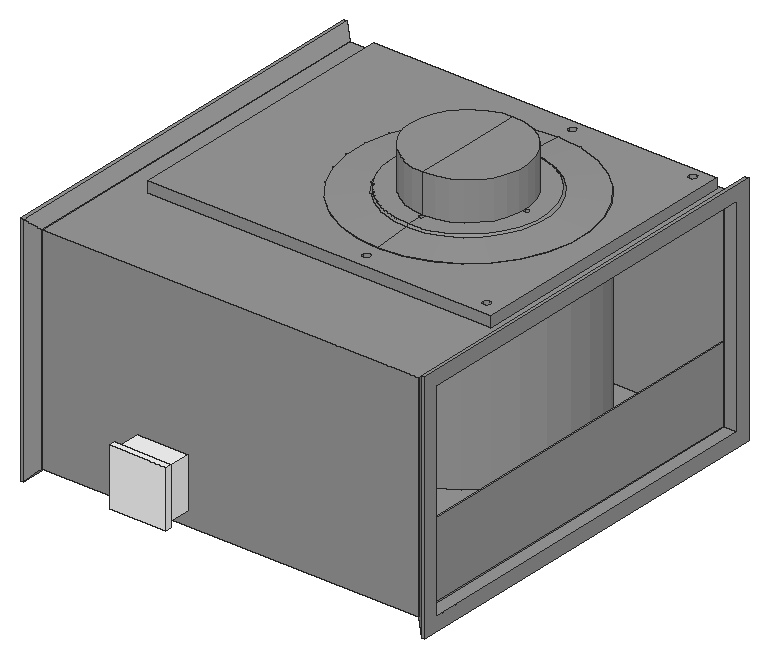
Revit family "RKB 600X350 A1 EC_7480103", category Mechanical Equipment, Revit 2014
Parameters (values of type "RKB 600X350 A1 EC")
  Wiring diagram = "4040145"
  Width = 642 mm
  Weight = 30.30 kg
  Voltage range = "200-277 V"
  Voltage = 230 V
  Speed = "2200 rpm"
  Sound pressure level at 3 m = "69 dB(A)"
  Power = 880 W
  Phase = 1
  Max. temperature of transported air when speed controlled = 60 °C
  Max. temperature of transported air = 60 °C
  Main Material = Steel, Galvanized
  Height = 441 mm
  Frequency = 50 Hz
  Elevation [instance] = 2600 mm
  Description = "UNINSULATED DUCT FANS WITH RECTANGULAR CONNECTIONS"
  Depth = 643 mm
  Current = 4.04 A
  Connector Height = 350 mm
  Connector Width = 600 mm
  Capacitor = "- μF"
Reference planes
  plane 1 "Center (Front/Back)": y = 0
  plane 2: z = 0
  plane 3 "Center (Left/Right)": x = 0
  plane 4: x = -321
  plane 5: x = 321
  plane 6: y = 321.5
  plane 7: y = -321.5
  plane 8: z = 2600
  plane 9: z = 3041
Dimensions and locks
  equal spacing: plane 4, plane 3 "Center (Left/Right)", plane 5
  "Width": plane 4 to plane 5
  equal spacing: plane 6, plane 1 "Center (Front/Back)", plane 7
  "Depth": plane 6 to plane 7
  "Elevation": plane 8 to level
  "Height": plane 9 to plane 8
  aligned and locked: level to plane 2
  aligned and locked: nested 1 to plane 1 "Center (Front/Back)"
  aligned and locked: plane 1 "Center (Front/Back)" to nested 2
  aligned and locked: plane 3 "Center (Left/Right)" to nested 2
  aligned and locked: nested 2 to plane 8
  aligned and locked: plane 3 "Center (Left/Right)" to nested 1
Nested families
  nested 1: "Flow direction symbol" at (0, 0, 0), type "Flow direction symbol"
  nested 2: "RKB" at (0, 0, 2600), type "RKB"
Connectors
  electrical at (-107.218, -355.269, 2679), driven by "Phase", driven by "Voltage", driven by "Power"
    settings: on nested 2, index 3, voltage 230 V, apparent load 0 VA, apparent load phase1 880 VA, apparent load phase2 0 VA, apparent load phase3 0 VA, power factor 1, load classification "HVAC", number of poles 1, system type 31, power factor state 1, is connector primary yes, connector utility no, sub classification motor no, connector description ""
  hvac at (-321, 0, 2786.5), driven by "Connector Height", driven by "Connector Width"
    settings: on nested 2, index 4, duct flow 0.0 L/s, flow factor 0, pres drop 0.0 Pa, loss coef 0, conn angle 0.00°, conn width 600 mm, conn height 350 mm, conn diameter 609.6 mm, duct sys type 1, conn prof type 1, flow config 0, flow direction 1, loss method 0, conn ref index -1, conn util no, is conn primary yes, conn desc ""
  hvac at (299.769, 0, 2786.5), driven by "Connector Height", driven by "Connector Width"
    settings: on nested 2, index 5, duct flow 0.0 L/s, flow factor 0, pres drop 0.0 Pa, loss coef 0, conn angle 0.00°, conn width 600 mm, conn height 350 mm, conn diameter 609.6 mm, duct sys type 3, conn prof type 1, flow config 0, flow direction 2, loss method 0, conn ref index -1, conn util no, is conn primary no, conn desc ""
Definition of nested family "RKB"
  Parameters (values of type "RKB")
    Width = 642 mm
    Main Material = Steel, Galvanized
    Height = 441 mm
    Description = ""
    Depth = 643 mm
    Connector Width = 600 mm
    Connector Heigth = 350 mm
  Reference planes
    plane 1 "Center (Front/Back)": y = 0
    plane 2: z = 0
    plane 3 "Center (Left/Right)": x = 0
    plane 4: x = -321
    plane 5: x = 321
    plane 6: y = 321.5
    plane 7: y = -321.5
    plane 8: z = 373
    plane 9: z = 119
    plane 10: x = -107.218
    plane 11: z = 186.5
    plane 12: z = 361.5
    plane 13: z = 11.5
    plane 14: y = 300
    plane 15: y = -300
    plane 16: z = 61.5
    plane 17: y = 24.017
    plane 18: z = 441
    plane 19: x = 71.904
    plane 20: y = 76.712
  Forms (mm)
    Sweep 1, solid, material "Steel, Galvanized" <- "Main Material", detail levels medium+fine
      path origin (-321, 864.407, 1200) x (0, 1, 0) y (0, 0, 1)
        loop
          line (-542.907, -1200) -> (-542.907, -827) -> (-1185.907, -827) -> (-1185.907, -1200) -> (-542.907, -1200)
      profile origin (-321, 321.5, 186.5) x (0, -1, 0) y (1, 0, 0)
        loop
          line (22.203, 21.231) -> (16.231, 21.231) -> (0, 5) -> (0, 0) -> (22.203, 0) -> (22.203, 21.231)
    Sweep 2, solid, material "Steel, Galvanized" <- "Main Material", detail levels medium+fine
      path origin (321, 864.407, 1200) x (0, 1, 0) y (0, 0, 1)
        loop
          line (-542.907, -1200) -> (-542.907, -827) -> (-1185.907, -827) -> (-1185.907, -1200) -> (-542.907, -1200)
      profile origin (321, 321.5, 186.5) x (0, -1, 0) y (1, 0, 0)
        loop
          line (22.203, -21.231) -> (22.203, 0) -> (0, 0) -> (0, -5) -> (16.231, -21.231) -> (22.203, -21.231)
    Revolve 3, solid, material "Steel, Galvanized" <- "Main Material", detail levels medium+fine
      sketch origin (71.904, 56.739, 1332.69) x (0, -1, 0) y (0, 0, 1)
        loop
          line (-19.973, -1281.823) -> (-19.973, -891.69) -> (-109.466, -891.69) -> (-109.466, -952.69) -> (-138.798, -952.69) -> (-141.725, -955.617) -> (-199.973, -959.69) -> (-199.973, -1281.823) -> (-19.973, -1281.823)
        axis (-19.973, -891.69) -> (-19.973, -1281.823)
      angle from 0 to 360
    Sweep 4, void
      path origin (43.109, 35, 1200) x (-1, 0, 0) y (0, 0, 1)
        loop
          line (-10.677, -934.203) -> (-10.677, -624.203)
      profile origin (53.785, 35, 420.797) x (1, 0, 0) y (0, 1, 0)
        loop
          circle (211.598, 246.202) r 6
        loop
          circle (20.259, 245.988) r 6
        loop
          circle (19.596, 136.159) r 4
        loop
          circle (19.596, -52.735) r 4
        loop
          circle (112.56, 40.128) r 4
        loop
          circle (-76.322, 40.128) r 4
        loop
          circle (211.598, -162.778) r 6
        loop
          circle (20.259, -162.564) r 6
    Sweep 5, solid, material "Steel, Galvanized" <- "Main Material", detail levels coarse
      path origin (0, 0, 0) x (1, 0, 0) y (0, 1, 0)
        loop
          line (-321, 0) -> (321, 0)
      profile origin (0, 0, 0) x (0, 1, 0) y (0, 0, 1)
        loop
          line (321.5, 441) -> (-321.5, 441) -> (-321.5, 0) -> (321.5, 0) -> (321.5, 441)
    Sweep 6, solid, material "Steel, Galvanized" <- "Main Material", detail levels medium+fine
      path origin (0, 0, 0) x (0, 1, 0) y (0, 0, 1)
        loop
          line (299.297, 22.203) -> (299.297, 142.203)
      profile origin (0, 299.297, 82.203) x (0, -1, 0) y (1, 0, 0)
        loop
          line (0, -299.769) -> (598.595, -299.769) -> (598.595, -296.769) -> (0, -296.769) -> (0, -299.769)
        loop
          line (0, 299.769) -> (0, 296.769) -> (598.595, 296.769) -> (598.595, 299.769) -> (0, 299.769)
    Sweep 7, solid, material "Plastic", detail levels medium+fine
      path origin (0, 0, 78.041) x (1, 0, 0) y (0, 1, 0)
        loop
          line (-107.218, -305.269) -> (-107.218, -345.269)
      profile origin (-107.218, -325.269, 78.041) x (1, 0, 0) y (0, 0, 1)
        loop
          line (-40, 40.959) -> (-40, -39.041) -> (40, -39.041) -> (40, 40.959) -> (-40, 40.959)
    Sweep 8, solid, material "Plastic", detail levels medium+fine
      path origin (0, 0, -12.5) x (1, 0, 0) y (0, 1, 0)
        loop
          line (-107.218, -345.269) -> (-107.218, -355.269)
      profile origin (-107.218, -350.269, -12.5) x (1, 0, 0) y (0, 0, 1)
        loop
          line (-45, 136.5) -> (-45, 46.5) -> (45, 46.5) -> (45, 136.5) -> (-45, 136.5)
    Extrusion 9, solid, material "Steel, Galvanized" <- "Main Material"
      sketch origin (0, 0, 0) x (0, 1, 0) y (0, 0, 1)
        loop
          line (299.297, 373) -> (-150, 373) -> (-150, 356.769) -> (299.297, 356.769) -> (299.297, 373)
      from -256.386 to 289.349
    Extrusion 10, solid, material "Steel, Galvanized" <- "Main Material"
      sketch origin (0, 0, 0) x (0, 1, 0) y (0, 0, 1)
        loop
          line (305.269, 356.769) -> (-305.269, 356.769) -> (-305.269, 16.231) -> (305.269, 16.231) -> (305.269, 356.769)
        loop
          line (299.297, 350.797) -> (-299.297, 350.797) -> (-299.297, 22.203) -> (299.297, 22.203) -> (299.297, 350.797)
      from -299.769 to 299.769
  Cuts and joins
    joined: Sweep 1, Sweep 2
    Sweep 4 cuts Revolve 3
    Sweep 4 cuts Extrusion 9
  Dimensions and locks
    equal spacing: plane 4, plane 3 "Center (Left/Right)", plane 5
    "Width": plane 4 to plane 5
    equal spacing: plane 6, plane 1 "Center (Front/Back)", plane 7
    "Depth": plane 6 to plane 7
    Sweep 4 sketch curve to plane 8 to Sweep 4 sketch curve = 202.797 mm, 107.203 mm
    locked: Sweep 6 sketch curve to plane 2 at 22.203
    Sweep 6 sketch curve to Sweep 6 sketch curve = 120 mm
    locked: plane 6 to Sweep 6 sketch curve at 22.203  (x2)
    locked: plane 4 to Sweep 6 sketch curve at 21.231
    locked: Sweep 6 sketch curve to Sweep 6 sketch curve at 3  (x2)
    locked: Sweep 6 sketch curve to plane 7 at 22.203  (x2)
    locked: Sweep 6 sketch curve to plane 6 at 22.203
    locked: Sweep 6 sketch curve to plane 5 at 21.231
    Sweep 7 sketch curve to plane 7 to Sweep 7 sketch curve = 16.231 mm, 23.769 mm
    plane 7 to Sweep 8 sketch curve to Sweep 8 sketch curve = 23.769 mm, 10 mm locked
    equal spacing: plane 8, plane 11, plane 2
    "Connector Heigth": plane 12 to plane 13
    equal spacing: plane 12, plane 11, plane 13
    "Connector Width": plane 14 to plane 15
    equal spacing: plane 14, plane 1 "Center (Front/Back)", plane 15
    "Height": plane 18 to level
    aligned and locked: level to plane 2
    aligned and locked: Sweep 1 sketch curve to plane 6
    aligned and locked: plane 7 to Sweep 1 sketch curve
    aligned and locked: plane 2 to Sweep 1 sketch curve
    aligned and locked: Sweep 1 sketch curve to plane 8
    aligned and locked: Sweep 2 sketch curve to plane 8
    aligned and locked: plane 2 to Sweep 2 sketch curve
    aligned and locked: plane 7 to Sweep 2 sketch curve
    aligned and locked: Sweep 2 sketch curve to plane 6
    aligned and locked: plane 1 "Center (Front/Back)" to Sweep 5 sketch curve
    aligned and locked: plane 2 to Sweep 5 sketch curve
    aligned and locked: plane 7 to Sweep 5 sketch curve
    aligned and locked: Sweep 5 sketch curve to plane 6
    aligned and locked: plane 10 to Sweep 7 sketch curve
    aligned and locked: plane 10 to Sweep 8 sketch curve
    aligned and locked: Sweep 5 sketch curve to plane 18
    aligned and locked: Extrusion 10 to cut or joined group of Sweep 1, Sweep 2  (x2)
    aligned and locked: cut or joined group of Sweep 4, Extrusion 9 to Extrusion 10
  Automatic sketch dimensions
    Sweep 1 sketch curve to profile plane = 0 mm
    Sweep 1 sketch curve to plane 4 = 0 mm
    Sweep 1 sketch curve to profile plane = 16.231 mm
    Sweep 1 sketch curve to Sweep 1 sketch curve = 5.972 mm
    plane 4 to Sweep 1 sketch curve = 5 mm
    plane 4 to Sweep 1 sketch curve = 21.231 mm
    Sweep 2 sketch curve to profile plane = 0 mm
    Sweep 2 sketch curve to plane 5 = 0 mm
    Sweep 2 sketch curve to profile plane = 16.231 mm
    Sweep 2 sketch curve to Sweep 2 sketch curve = 5.972 mm
    Sweep 2 sketch curve to Sweep 2 sketch curve = 5 mm
    Sweep 2 sketch curve to Sweep 2 sketch curve = 21.231 mm
    Sweep 5 sketch curve to plane 4 = 0 mm
    Sweep 5 sketch curve to plane 5 = 0 mm
    profile plane to Sweep 8 sketch curve = 45 mm
    Sweep 8 sketch curve to profile plane = 45 mm
    level to Sweep 8 sketch curve = 34 mm
    Sweep 8 sketch curve to Sweep 8 sketch curve = 90 mm
    plane 12 to Extrusion 9 sketch curve = 11.5 mm
    plane 15 to Extrusion 9 sketch curve = 150 mm
    Extrusion 9 sketch curve to plane 14 = 0.703 mm
    Extrusion 9 sketch curve to plane 8 = 16.231 mm
    Extrusion 10 sketch curve to plane 15 = 5.269 mm
    plane 15 to Extrusion 10 sketch curve = 0.703 mm
    Extrusion 10 sketch curve to plane 14 = 0.703 mm
    plane 14 to Extrusion 10 sketch curve = 5.269 mm
    level to Extrusion 10 sketch curve = 16.231 mm
    Extrusion 10 sketch curve to Extrusion 10 sketch curve = 5.972 mm  (x2)
    Extrusion 10 sketch curve to plane 8 = 16.231 mm
    Sweep 4 sketch curve to plane 19 = 18.119 mm
    profile plane to Sweep 7 sketch curve = 40 mm
    Sweep 7 sketch curve to profile plane = 40 mm
    Sweep 7 sketch curve to profile plane = 39.041 mm
    profile plane to Sweep 7 sketch curve = 40.959 mm
    profile plane to Sweep 4 sketch curve = 40.128 mm  (x2)
    profile plane to Sweep 4 sketch curve = 76.322 mm
    Sweep 4 sketch curve to profile plane = 19.596 mm  (x2)
    Sweep 4 sketch curve to profile plane = 20.259 mm  (x2)
    Sweep 4 sketch curve to Sweep 4 sketch curve = 191.339 mm  (x2)
    Sweep 4 sketch curve to profile plane = 52.735 mm
    Sweep 4 sketch curve to Sweep 4 sketch curve = 109.83 mm  (x2)
    Sweep 4 sketch curve to profile plane = 162.778 mm
    Sweep 4 sketch curve to Sweep 4 sketch curve = 0.214 mm
    Sweep 4 sketch curve to profile plane = 112.56 mm
    profile plane to Sweep 4 sketch curve = 136.159 mm
    Revolve 3 sketch curve to plane 8 = 0 mm
    Revolve 3 sketch curve to plane 18 = 0 mm  (x2)
    Revolve 3 sketch curve to plane 20 = 0 mm  (x2)
    plane 20 to Revolve 3 sketch curve = 89.494 mm
    plane 8 to Revolve 3 sketch curve = 4.073 mm
    Revolve 3 sketch curve to Revolve 3 sketch curve = 32.259 mm
    plane 16 to Revolve 3 sketch curve = 10.633 mm
    Revolve 3 sketch curve to plane 14 = 43.288 mm
    plane 8 to Revolve 3 sketch curve = 7 mm
    Revolve 3 sketch curve to Revolve 3 sketch curve = 2.927 mm
    plane 11 to Revolve 3 sketch curve = 3.892 mm
    radius of Sweep 4 sketch curve = 6 mm  (x4)
    radius of Sweep 4 sketch curve = 4 mm  (x4)
Definition of nested family "Flow direction symbol"
  Parameters (values of type "Flow direction symbol")
    Warning = "!"
    Text = "DIMENSIONS OVERCONSTRAINT"
  Reference planes
    plane 1: y = 0
    plane 2: x = 0
  Lines and regions (mm)
    detail lines
      curve 1: line (-0.506, 0.877, 0) -> (-0.506, -0.877, 0)
      curve 2: line (1.012, 0, 0) -> (-0.506, -0.877, 0)
      curve 3: line (-0.506, 0.877, 0) -> (1.012, 0, 0)
      curve 4: circle (0, 0, 0) r 1 normal (0, 0, 1)
